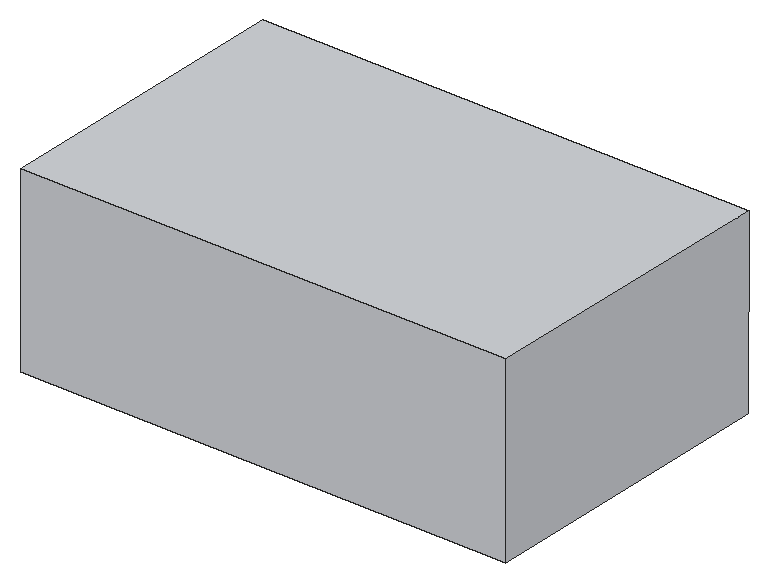
Revit family "CP-primaconsegna", category Modèles génériques, Revit 2017
Family settings
  Peut héberger une armature = Non
  Cote de connecteur circulaire = Utiliser le diamètre
  Type d'élément = Normal
  Basée sur le plan de construction = Non
  Toujours verticalement = Oui
  Couper avec des vides une fois chargée = Non
  Partagée = Non
  Point de calcul de pièce = Non
Parameters (values of type "Type 5")
  C_spessore - h [instance] = 3000 mm
  C_profondità = 5000 mm
  larghezza - b = 1500 mm
  C_altezza da terra [instance] = 3000 mm
  C_larghezza [instance] = 8000 mm
Types (6, lengths in mm): name | C_spessore - h | C_profondità | larghezza - b | C_altezza da terra | C_larghezza
  (no name) | 3000 | 5000 | 1500 | 3000 | 8000
  variante1-500x500 | 500 | 500 | 500 | 100 | 500
  variante2-1500x3000 | 3000 | 1500 | 1500 | 100 | 500
  variante3-3000x8000 | 3000 | 3000 | 1500 | 3000 | 8000
  Type 4 | 3000 | 6000 | 1500 | 1500 | 4000
  Type 5 | 3000 | 5000 | 1500 | 3000 | 8000
Reference planes
  plane 1 "Centre (avant/arrière)": y = 0
  plane 2: z = 0
  plane 3 "Centre (gauche/droite)": x = 0
  plane 4: x = 8000
  plane 5: y = 5000
  plane 6 "bottom": z = 3000
  plane 7: z = 6000
Forms (mm)
  Extrusion 1, solid
    sketch origin (0, 0, 3000) x (0, -1, 0) y (1, 0, 0)
      loop
        line (-5000, 0) -> (0, 0) -> (0, 8000) -> (-5000, 8000) -> (-5000, 0)
    from 0 to 3000
Dimensions and locks
  "C_profondità": plane 1 "Centre (avant/arrière)" to plane 5
  "C_larghezza": plane 3 "Centre (gauche/droite)" to plane 4
  "C_altezza da terra": plane 6 "bottom" to level
  "C_spessore - h": plane 7 to plane 6 "bottom"
  aligned and locked: level to plane 2
  aligned and locked: Extrusion 1 to plane 7
  aligned and locked: Extrusion 1 sketch curve to plane 5
  aligned and locked: plane 3 "Centre (gauche/droite)" to Extrusion 1 sketch curve
  aligned and locked: Extrusion 1 sketch curve to plane 4
  aligned and locked: Extrusion 1 sketch curve to plane 1 "Centre (avant/arrière)"
